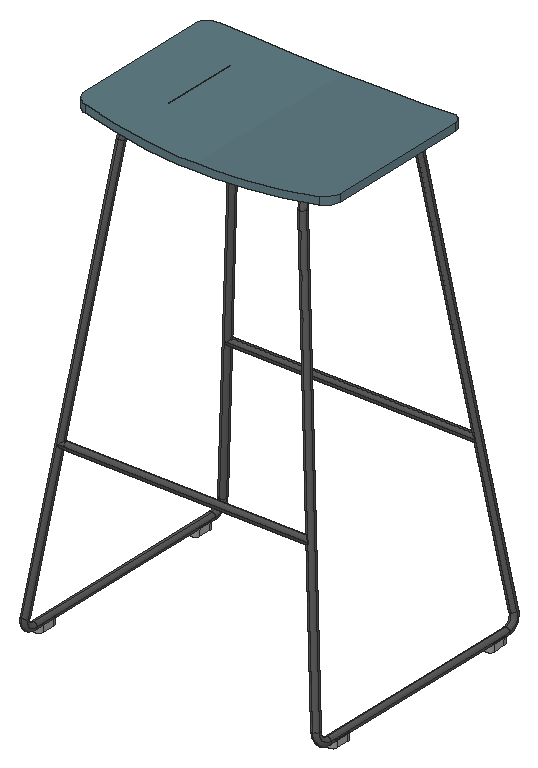
Revit family "FU_Stool_Sandler_Tao 3-1", category Furniture, Revit 2020
Family settings
  OmniClass Number = 23.40.20.00
  OmniClass Title = General Furniture and Specialties
  Work Plane-Based = No
  Always vertical = Yes
  Cut with Voids When Loaded = No
  Shared = No
  Room Calculation Point = No
Parameters (values of type "Tao 3.1")
  Width = 500 mm
  URL = "https://www.sandlerseating.com/product/tao-3-1/"
  Seat [instance] = Fabric - Mainline Flax - Pimlico MLF34
  Model = "Tao 3.1"
  Manufacturer = "Sandler"
  Height = 780 mm
  Frame [instance] = Epoxy - M1_B00 - Black
  Description = "Upholstered barstool with steel frame in chrome or lacquered finish. Upholstery available in cross, diamond or horizontal stitching at extra charge."
  Depth = 420 mm
  Default Elevation = 0 mm
Reference planes
  plane 1 "Center (Front/Back)": y = 0
  plane 2: z = 0
  plane 3 "Center (Left/Right)": x = 0
  plane 4 "Right": x = -250
  plane 5 "Left": x = 250
  plane 6 "Back": y = 210
  plane 7 "Front": y = -210
  plane 8 "Height": z = 780
  plane 9 "Frame C Base": z = 12.098
  plane 10 "FL C FRONT": through (242.5, -1524, 12.098) normal (-0.9919, 0, -0.1272)
  plane 11 "Seat Base": z = 753.407
  plane 12 "BS C TOP": y = 172.622
  plane 13 "FS C TOP": y = -172.622
Forms (mm)
  Sweep 1, solid, material "Fabric - Mainline Flax - Pimlico MLF34" <- "Seat"
    path origin (0, 0, 753.407) x (-1, 0, 0) y (0, -1, 0)
      loop
        line (0, 165) -> (0, -165)
    profile "Pro_Tao_Seat : Pro_Tao_Seat" origin (0, 0, 753.407) x (-1, 0, 0) y (0, 0, 1)
      loop
        line (-231.362, 30.582) -> (-231.362, 18.333)
        arc (-231.362, 18.333) -> (0, 0) -> (231.362, 18.334) r 1469.024
        line (231.362, 18.334) -> (231.362, 30.582)
        arc (231.362, 30.582) -> (0, 12.103) -> (-231.362, 30.582) r 1457.593
  Sweep 2, solid, material "Epoxy - M1_B00 - Black" <- "Frame"
    path origin (240.105, 0, 30.78) x (0.127155, 0, -0.991883) y (0, -1, 0)
      loop
        arc (18.812, 183.962) -> (12.073, 198.933) -> (-3.601, 203.816) r 20
        line (-3.601, 203.816) -> (-710.933, 117.844)
        arc (-710.933, 117.844) -> (-723.491, 111.252) -> (-728.52, 97.99) r 20
        line (-728.52, 97.99) -> (-728.52, -97.99)
        arc (-728.52, -97.99) -> (-723.491, -111.252) -> (-710.933, -117.844) r 20
        line (-710.933, -117.844) -> (-3.601, -203.816)
        arc (-3.601, -203.816) -> (12.073, -198.933) -> (18.812, -183.962) r 20
        line (18.812, -183.962) -> (18.812, 183.962)
    profile "Pro_Circles : 12mm" origin (242.497, 0, 12.121) x (0.127155, 0, -0.991883) y (-0.991883, 0, -0.127155)
      loop
        arc (-5.967, 0.067) -> (-4.287, -4.192) -> (-0.067, -5.967) r 5.901
        arc (-0.067, -5.967) -> (4.24, -4.24) -> (5.967, 0.067) r 5.902
        arc (5.967, 0.067) -> (4.192, 4.286) -> (-0.067, 5.967) r 5.901
        arc (-0.067, 5.967) -> (-4.238, 4.238) -> (-5.967, 0.067) r 5.9
  Sweep 3, solid, material "Epoxy - M1_B00 - Black" <- "Frame"
    path origin (-240.105, 0, 30.78) x (-0.127155, 0, -0.991883) y (0, 1, 0)
      loop
        line (18.812, -183.962) -> (18.812, 183.962)
        arc (18.812, 183.962) -> (12.073, 198.933) -> (-3.601, 203.816) r 20
        line (-3.601, 203.816) -> (-710.933, 117.844)
        arc (-710.933, 117.844) -> (-723.491, 111.252) -> (-728.52, 97.99) r 20
        line (-728.52, 97.99) -> (-728.52, -97.99)
        arc (-728.52, -97.99) -> (-723.491, -111.252) -> (-710.933, -117.844) r 20
        line (-710.933, -117.844) -> (-3.601, -203.816)
        arc (-3.601, -203.816) -> (12.073, -198.933) -> (18.812, -183.962) r 20
    profile "Pro_Circles : 12mm" origin (-242.497, 0, 12.121) x (0.127155, 0, 0.991883) y (0.991883, 0, -0.127155)
      loop
        arc (5.967, 0.067) -> (4.238, 4.238) -> (0.067, 5.967) r 5.9
        arc (0.067, 5.967) -> (-4.192, 4.286) -> (-5.967, 0.067) r 5.901
        arc (-5.967, 0.067) -> (-4.24, -4.24) -> (0.067, -5.967) r 5.902
        arc (0.067, -5.967) -> (4.287, -4.192) -> (5.967, 0.067) r 5.901
  Sweep 4, solid, material "Epoxy - M1_B00 - Black" <- "Frame"
    path origin (0, -172.622, 0) x (-1, 0, 0) y (0, 0, 1)
      loop
        line (-206, 289.461) -> (206, 289.461)
    profile "Pro_Circles : 12mm" origin (0, -172.622, 289.461) x (0, 0, -1) y (0, -1, 0)
      loop
        arc (-5.967, 0.067) -> (-4.287, -4.192) -> (-0.067, -5.967) r 5.901
        arc (-0.067, -5.967) -> (4.24, -4.24) -> (5.967, 0.067) r 5.902
        arc (5.967, 0.067) -> (4.192, 4.286) -> (-0.067, 5.967) r 5.901
        arc (-0.067, 5.967) -> (-4.238, 4.238) -> (-5.967, 0.067) r 5.9
  Sweep 5, solid, material "Epoxy - M1_B00 - Black" <- "Frame"
    path origin (0, 172.622, 0) x (-1, 0, 0) y (0, 0, 1)
      loop
        line (-206, 289.461) -> (206, 289.461)
    profile "Pro_Circles : 12mm" origin (0, 172.622, 289.461) x (0, 0, 1) y (0, 1, 0)
      loop
        arc (5.967, 0.067) -> (4.238, 4.238) -> (0.067, 5.967) r 5.9
        arc (0.067, 5.967) -> (-4.192, 4.286) -> (-5.967, 0.067) r 5.901
        arc (-5.967, 0.067) -> (-4.24, -4.24) -> (0.067, -5.967) r 5.902
        arc (0.067, -5.967) -> (4.287, -4.192) -> (5.967, 0.067) r 5.901
  Extrusion 6, void
    sketch origin (0, 0, 753.407) x (-1, 0, 0) y (0, -1, 0)
      loop
        arc (211.834, 118.431) -> (205.547, 131.753) -> (192.38, 138.358) r 22.57
        arc (192.38, 138.358) -> (0, 151.127) -> (-192.38, 138.358) r 1455.607
        arc (-192.38, 138.358) -> (-205.547, 131.753) -> (-211.834, 118.431) r 22.57
        line (-211.834, 118.431) -> (-211.834, -118.431)
        arc (-211.834, -118.431) -> (-205.547, -131.753) -> (-192.38, -138.358) r 22.57
        arc (-192.38, -138.358) -> (0, -151.127) -> (192.38, -138.358) r 1455.607
        arc (192.38, -138.358) -> (205.547, -131.753) -> (211.834, -118.431) r 22.57
        line (211.834, -118.431) -> (211.834, 118.431)
      loop
        line (250, -210) -> (250, 210) -> (-250, 210) -> (-250, -210) -> (250, -210)
    from -5 to 40
  Extrusion 7, solid, material "Rubber, Black"
    sketch origin (0, 0, 0) x (1, 0, 0) y (0, 1, 0)
      loop
        arc (-235, -151.025) -> (-242.5, -143.525) -> (-250, -151.025) r 7.5
        line (-250, -151.025) -> (-250, -171.39)
        arc (-250, -171.39) -> (-242.5, -178.89) -> (-235, -171.39) r 7.5
        line (-235, -171.39) -> (-235, -151.025)
    from 0 to 12
  Extrusion 8, solid, material "Rubber, Black"
    sketch origin (0, 0, 0) x (-1, 0, 0) y (0, -1, 0)
      loop
        line (-235, 151.025) -> (-235, 171.39)
        arc (-235, 171.39) -> (-242.5, 178.89) -> (-250, 171.39) r 7.5
        line (-250, 171.39) -> (-250, 151.025)
        arc (-250, 151.025) -> (-242.5, 143.525) -> (-235, 151.025) r 7.5
    from 0 to 12
  Extrusion 9, solid, material "Rubber, Black"
    sketch origin (0, 0, 0) x (1, 0, 0) y (0, 1, 0)
      loop
        line (-235, 151.025) -> (-235, 171.39)
        arc (-235, 171.39) -> (-242.5, 178.89) -> (-250, 171.39) r 7.5
        line (-250, 171.39) -> (-250, 151.025)
        arc (-250, 151.025) -> (-242.5, 143.525) -> (-235, 151.025) r 7.5
    from 0 to 12
  Extrusion 10, solid, material "Rubber, Black"
    sketch origin (0, 0, 0) x (-1, 0, 0) y (0, -1, 0)
      loop
        arc (-235, -151.025) -> (-242.5, -143.525) -> (-250, -151.025) r 7.5
        line (-250, -151.025) -> (-250, -171.39)
        arc (-250, -171.39) -> (-242.5, -178.89) -> (-235, -171.39) r 7.5
        line (-235, -171.39) -> (-235, -151.025)
    from 0 to 12
Cuts and joins
  Extrusion 6 cuts Sweep 1
Dimensions and locks
  equal spacing: plane 4 "Right", plane 3 "Center (Left/Right)", plane 5 "Left"
  "Width": plane 4 "Right" to plane 5 "Left"
  equal spacing: plane 6 "Back", plane 1 "Center (Front/Back)", plane 7 "Front"
  "Depth": plane 6 "Back" to plane 7 "Front"
  "Height": plane 8 "Height" to level
  plane 9 "Frame C Base" to level = 12.098 mm
  aligned and locked: level to plane 2
Automatic sketch dimensions
  Sweep 1 sketch curve to plane 3 "Center (Left/Right)" = 0 mm
  Sweep 1 sketch curve to plane 12 "BS C TOP" = 7.622 mm
  Sweep 1 sketch curve to plane 13 "FS C TOP" = 7.622 mm
  Sweep 2 sketch curve to plane 12 "BS C TOP" = 74.632 mm
  Sweep 2 sketch curve to plane 13 "FS C TOP" = 54.778 mm
  Sweep 2 sketch curve to Sweep 2 sketch curve = 17.587 mm  (x2)
  Sweep 2 sketch curve to plane 12 "BS C TOP" = 54.778 mm
  Sweep 2 sketch curve to Sweep 2 sketch curve = 20 mm
  plane 7 "Front" to Sweep 2 sketch curve = 6.184 mm
  Sweep 2 sketch curve to Sweep 2 sketch curve = 707.332 mm
  Sweep 2 sketch curve to plane 6 "Back" = 6.184 mm
  Sweep 2 sketch curve to Sweep 2 sketch curve = 0 mm
  Sweep 2 sketch curve to Sweep 2 sketch curve = 2.413 mm  (x2)
  plane 12 "BS C TOP" to Sweep 2 sketch curve = 11.34 mm
  Sweep 3 sketch curve to plane 12 "BS C TOP" = 74.632 mm
  Sweep 3 sketch curve to plane 13 "FS C TOP" = 54.778 mm
  Sweep 3 sketch curve to Sweep 3 sketch curve = 17.587 mm  (x2)
  Sweep 3 sketch curve to plane 12 "BS C TOP" = 54.778 mm
  Sweep 3 sketch curve to Sweep 3 sketch curve = 2.413 mm  (x3)
  plane 7 "Front" to Sweep 3 sketch curve = 6.184 mm
  Sweep 3 sketch curve to Sweep 3 sketch curve = 707.332 mm
  Sweep 3 sketch curve to plane 6 "Back" = 6.184 mm
  Sweep 3 sketch curve to Sweep 3 sketch curve = 0 mm
  plane 12 "BS C TOP" to Sweep 3 sketch curve = 11.34 mm
  Sweep 4 sketch curve to plane 5 "Left" = 44 mm
  plane 4 "Right" to Sweep 4 sketch curve = 44 mm
  Sweep 4 sketch curve to plane 9 "Frame C Base" = 277.364 mm
  plane 5 "Left" to Sweep 5 sketch curve = 44 mm
  Sweep 5 sketch curve to plane 4 "Right" = 44 mm
  plane 9 "Frame C Base" to Sweep 5 sketch curve = 277.364 mm
  Extrusion 6 sketch curve to plane 5 "Left" = 0 mm
  Extrusion 6 sketch curve to plane 3 "Center (Left/Right)" = 0 mm  (x2)
  Extrusion 6 sketch curve to plane 4 "Right" = 0 mm
  Extrusion 6 sketch curve to plane 6 "Back" = 0 mm
  Extrusion 6 sketch curve to plane 7 "Front" = 0 mm
  plane 5 "Left" to Extrusion 6 sketch curve = 38.166 mm
  Extrusion 6 sketch curve to Extrusion 6 sketch curve = 22.437 mm  (x3)
  Extrusion 6 sketch curve to plane 4 "Right" = 60.603 mm  (x2)
  plane 6 "Back" to Extrusion 6 sketch curve = 1094.48 mm
  Extrusion 6 sketch curve to plane 12 "BS C TOP" = 54.191 mm  (x2)
  Extrusion 6 sketch curve to Extrusion 6 sketch curve = 2.445 mm  (x4)
  Extrusion 6 sketch curve to plane 13 "FS C TOP" = 56.636 mm  (x2)
  Extrusion 6 sketch curve to plane 7 "Front" = 1094.48 mm
  Extrusion 6 sketch curve to Extrusion 6 sketch curve = 0 mm  (x2)
  Extrusion 7 sketch curve to plane 4 "Right" = 0 mm
  Extrusion 7 sketch curve to plane 13 "FS C TOP" = 1.232 mm
  Extrusion 7 sketch curve to Extrusion 7 sketch curve = 7.5 mm
  Extrusion 7 sketch curve to Extrusion 7 sketch curve = 20.364 mm
  Extrusion 8 sketch curve to plane 5 "Left" = 0 mm
  plane 13 "FS C TOP" to Extrusion 8 sketch curve = 1.232 mm
  Extrusion 8 sketch curve to plane 5 "Left" = 7.5 mm
  Extrusion 8 sketch curve to Extrusion 8 sketch curve = 20.364 mm
  Extrusion 9 sketch curve to plane 4 "Right" = 0 mm
  plane 12 "BS C TOP" to Extrusion 9 sketch curve = 1.232 mm
  plane 4 "Right" to Extrusion 9 sketch curve = 7.5 mm
  Extrusion 9 sketch curve to Extrusion 9 sketch curve = 20.364 mm
  Extrusion 10 sketch curve to plane 5 "Left" = 0 mm
  Extrusion 10 sketch curve to plane 12 "BS C TOP" = 1.232 mm
  Extrusion 10 sketch curve to Extrusion 10 sketch curve = 7.5 mm
  Extrusion 10 sketch curve to Extrusion 10 sketch curve = 20.364 mm
